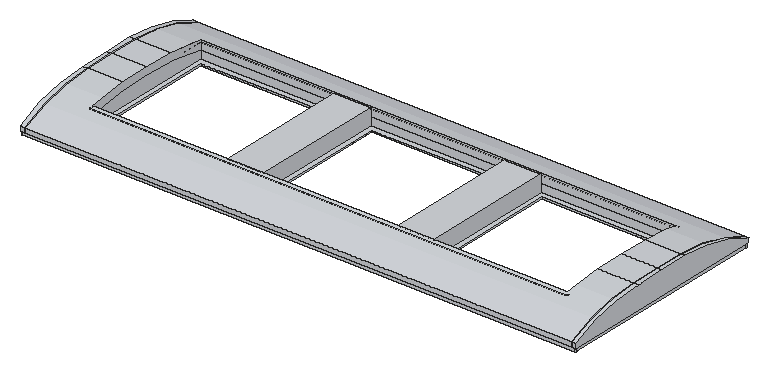
Revit family "Gira_0213736", category Electrical Fixtures, host Face, Revit 2017
Family settings
  Host = Face
  Maintain Annotation Orientation = No
  Round Connector Dimension = Use Diameter
  Part Type = Normal
  Cut with Voids When Loaded = No
  Shared = No
  Room Calculation Point = No
Parameters (values of type "Cov.fr. 3-g interm.fr. CAl Gira Event Clear black")
  URL = "http://katalog.gira.de/en/datenblatt.html?artikelnr=0213736"
  Transparent = "No"
  Name = "Cov.fr. 3-g interm.fr. CAl Gira Event Clear black"
  Manufacturer URL = "https://www.gira.de/"
  Manufacturer = "Gira"
  Label space/information surface = "No"
  Keynote = ""
  HeinzeBIM = "https://bimportal.heinze.de/bim/cov-fr-3-g-interm-fr-cal-gira-event-clear-black/d20f2d5b68f91c39ade50c8d2800453d41698b8d"
  HAN = "0213736"
  GTIN = "4010337068877"
  Description = "Cov.fr.3g i.fr.CAl EvCl BK,Gira Event Clear cover frame,black with colour aluminium intermediate frame,3-gang,Features:,- Shatter-proof."
  Default Elevation = 1219.2 mm
  Data sheet (1) = "https://katalog.gira.de/en/download.html?artikelnr=0213736"
  Category = "Cover frame for domestic switching devices"
  BIM (1) = "https://media.stage.bim.site/public/gira/36a6b08/Event_Rahmen_3fach.rfa"
  Available = "No"
Reference planes
  plane 1 "Center (Front/Back)": y = 0
  plane 2: z = 0
  plane 3 "Center (Left/Right)": x = 0
Forms (mm)
  Extrusion 1, solid, detail levels fine
    sketch origin (0, 0, 0.05) x (0, 1, 0) y (0, 0, 1)
      loop
        arc (12.445, 9.683) -> (6.223, 9.833) -> (0, 9.85) r 291.636
        arc (0, 9.85) -> (-6.223, 9.833) -> (-12.445, 9.683) r 291.636
        arc (-12.445, 9.683) -> (-29.14, 7.482) -> (-45, 1.823) r 79.728
        line (-45, 1.823) -> (-45, -0.05) -> (-42.086, -0.05)
        arc (-42.086, -0.05) -> (-21.385, 5.559) -> (0, 7.206) r 114.424
        arc (0, 7.206) -> (21.385, 5.559) -> (42.086, -0.05) r 114.424
        line (42.086, -0.05) -> (45, -0.05) -> (45, 1.823)
        arc (45, 1.823) -> (29.14, 7.482) -> (12.445, 9.683) r 79.728
    from -114.3 to 114.3
  Extrusion 2, void, detail levels fine
    sketch origin (0, 0, 0) x (1, 0, 0) y (0, 1, 0)
      loop
        line (-99.355, -28.053) -> (99.355, -28.053) -> (99.355, 28.053) -> (-99.355, 28.053) -> (-99.355, -28.053)
    from 0.724 to 11
  Extrusion 3, solid, detail levels coarse
    sketch origin (0, 0, 0) x (1, 0, 0) y (0, 1, 0)
      loop
        line (-116.3, 45) -> (-116.3, -45) -> (116.3, -45) -> (116.3, 45) -> (-116.3, 45)
    from -1.5 to 9.9
  Extrusion 4, solid, detail levels medium
    sketch origin (0, 0, 0.05) x (0, 1, 0) y (0, 0, 1)
      loop
        arc (12.445, 9.683) -> (6.223, 9.833) -> (0, 9.85) r 291.636
        arc (0, 9.85) -> (-6.223, 9.833) -> (-12.445, 9.683) r 291.636
        arc (-12.445, 9.683) -> (-29.14, 7.482) -> (-45, 1.823) r 79.728
        line (-45, 1.823) -> (-45, -0.05) -> (45, -0.05) -> (45, 1.823)
        arc (45, 1.823) -> (29.14, 7.482) -> (12.445, 9.683) r 79.728
    from -116.3 to 116.3
  Extrusion 5, solid, detail levels fine
    sketch origin (-71.3, 0, -1.5) x (0, 1, 0) y (0, 0, -1)
      loop
        line (45, -3.373) -> (45, -1.5) -> (-45, -1.5) -> (-45, -3.373)
        arc (-45, -3.373) -> (-29.14, -9.032) -> (-12.445, -11.233) r 79.728
        arc (-12.445, -11.233) -> (-6.223, -11.383) -> (0, -11.4) r 291.636
        arc (0, -11.4) -> (6.223, -11.383) -> (12.445, -11.233) r 291.636
        arc (12.445, -11.233) -> (29.14, -9.032) -> (45, -3.373) r 79.728
    from 43 to 45
  Extrusion 6, solid, detail levels fine
    sketch origin (0, 0, 0) x (1, 0, 0) y (0, 1, 0)
      loop
        line (-97.195, 25.7) -> (-97.195, -25.7) -> (-45.395, -25.7) -> (-45.395, 25.7) -> (-97.195, 25.7)
      loop
        line (25.9, -25.7) -> (25.9, 25.7) -> (-25.9, 25.7) -> (-25.9, -25.7) -> (25.9, -25.7)
      loop
        line (-100.19, 28.49) -> (-100.19, -28.495)
        spline (-100.19, -28.495) -> (-100.181, -28.625) -> (-100.156, -28.754) -> (-100.113, -28.878) -> (-100.056, -28.995) -> (-99.983, -29.104) -> (-99.897, -29.202) -> (-99.798, -29.288) -> (-99.69, -29.361) -> (-99.572, -29.419) -> (-99.448, -29.461) -> (-99.32, -29.486) -> (-99.19, -29.495)
        line (-99.19, -29.495) -> (99.195, -29.495)
        spline (99.195, -29.495) -> (99.325, -29.486) -> (99.454, -29.461) -> (99.578, -29.419) -> (99.695, -29.361) -> (99.804, -29.288) -> (99.902, -29.202) -> (99.988, -29.104) -> (100.061, -28.995) -> (100.119, -28.878) -> (100.161, -28.754) -> (100.186, -28.625) -> (100.195, -28.495)
        line (100.195, -28.495) -> (100.195, 28.49)
        spline (100.195, 28.49) -> (100.186, 28.62) -> (100.161, 28.748) -> (100.119, 28.872) -> (100.061, 28.99) -> (99.988, 29.098) -> (99.902, 29.197) -> (99.804, 29.283) -> (99.695, 29.356) -> (99.578, 29.413) -> (99.454, 29.456) -> (99.325, 29.481) -> (99.195, 29.49)
        line (99.195, 29.49) -> (-99.19, 29.49)
        spline (-99.19, 29.49) -> (-99.32, 29.481) -> (-99.448, 29.456) -> (-99.572, 29.413) -> (-99.69, 29.356) -> (-99.798, 29.283) -> (-99.897, 29.197) -> (-99.983, 29.098) -> (-100.056, 28.99) -> (-100.113, 28.872) -> (-100.156, 28.748) -> (-100.181, 28.62) -> (-100.19, 28.49)
      loop
        line (97.2, -25.7) -> (97.2, 25.7) -> (45.4, 25.7) -> (45.4, -25.7) -> (97.2, -25.7)
    from 0.1 to 7.3
  Extrusion 7, solid
    sketch origin (0, 0, 0) x (1, 0, 0) y (0, 1, 0)
      loop
        arc (-116, -44.2) -> (-115.854, -44.554) -> (-115.5, -44.7) r 0.5
        line (-115.5, -44.7) -> (115.5, -44.7)
        arc (115.5, -44.7) -> (115.854, -44.554) -> (116, -44.2) r 0.5
        line (116, -44.2) -> (116, 44.2)
        arc (116, 44.2) -> (115.854, 44.554) -> (115.5, 44.7) r 0.5
        line (115.5, 44.7) -> (-115.5, 44.7)
        arc (-115.5, 44.7) -> (-115.854, 44.554) -> (-116, 44.2) r 0.5
        line (-116, 44.2) -> (-116, -44.2)
      loop
        line (-114.3, 43) -> (-114.3, -43) -> (114.3, -43) -> (114.3, 43) -> (-114.3, 43)
    from -1.5 to 0.5
  Extrusion 8, solid, detail levels fine
    sketch origin (71.3, 0, -1.5) x (0, 1, 0) y (0, 0, 1)
      loop
        arc (45, 3.373) -> (29.14, 9.032) -> (12.445, 11.233) r 79.728
        arc (12.445, 11.233) -> (6.223, 11.383) -> (0, 11.4) r 291.636
        arc (0, 11.4) -> (-6.223, 11.383) -> (-12.445, 11.233) r 291.636
        arc (-12.445, 11.233) -> (-29.14, 9.032) -> (-45, 3.373) r 79.728
        line (-45, 3.373) -> (-45, 1.5) -> (45, 1.5) -> (45, 3.373)
    from 43 to 45
  Extrusion 9, solid, detail levels medium
    sketch origin (0, 0, 0) x (1, 0, 0) y (0, 1, 0)
      loop
        line (-116, -44.7) -> (116, -44.7) -> (116, 44.7) -> (-116, 44.7) -> (-116, -44.7)
    from -1.5 to 0.5
  Extrusion 10, solid, detail levels fine
    sketch origin (-34.207, 0, 0) x (1, 0, 0) y (0, 1, 0)
      loop
        line (-8.943, 28.063) -> (-8.943, -27.937) -> (6.057, -27.937) -> (6.057, 28.063) -> (-8.943, 28.063)
    from 0.724 to 7.566
  Extrusion 11, solid, detail levels fine
    sketch origin (34.207, 0, 0) x (-1, 0, 0) y (0, -1, 0)
      loop
        line (-8.943, -28.063) -> (6.057, -28.063) -> (6.057, 27.937) -> (-8.943, 27.937) -> (-8.943, -28.063)
    from 0.724 to 7.566
Cuts and joins
  Extrusion 2 cuts Extrusion 1
  Extrusion 2 cuts Extrusion 6
Dimensions and locks
  aligned and locked: plane 2 to host face
  aligned and locked: level to host face
